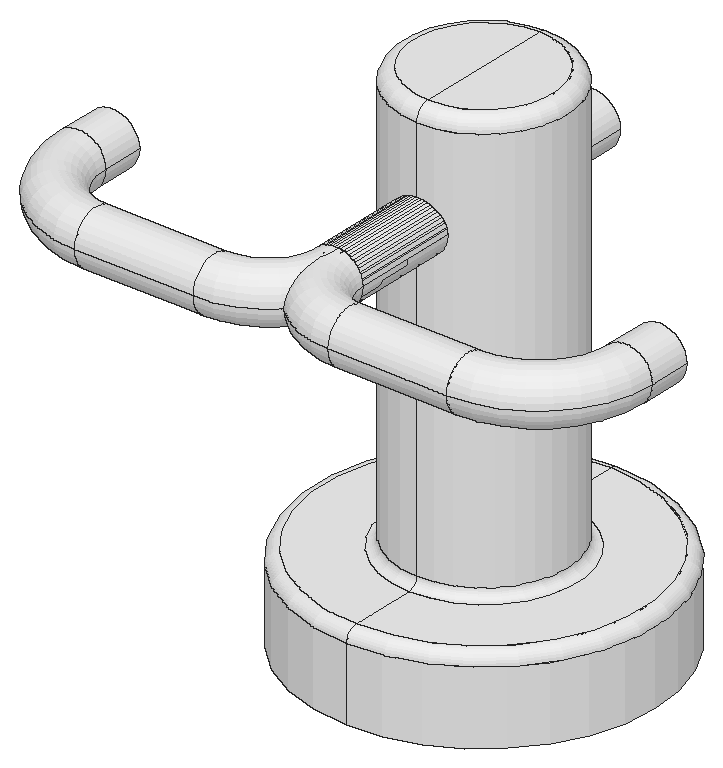
Revit family "Robe_Hook-Double-American_Standard-CR_Series-8336.210", category Specialty Equipment, host Face, Revit 2014
Parameters (values of type "8336.210")
  Width = 2 5/8"
  Warranty Information = "1 Year Limited Warranty"
  URL = "http://www.americanstandard-us.com"
  Type Comments = ""
  Revised Date = "02/08/2016"
  Product Page URL = "http://www.americanstandard-us.com/bathroom-accessories/CR-Series-Double-Robe-Hook-5985/"
  Product Documentation Link = "https://www.americanstandard-us.com/-/media/sites/asus/files/product-specs/bulk/specsheet8336210.pdf?la=en"
  Model = "8336.210"
  Material = "Metal-American Standard-002-Polished Chrome"
  Manufacturer = "American Standard"
  Length = 3"
  Installation Type = "Wall Mounted"
  Height = 2 5/8"
  Description = "CR Series Double Robe Hook."
  Default Elevation = 40"
  Creation Date = "04/04/2014"
  Assembly Code = "C1030220"
Reference planes (in)
  plane 1 "Center (Front/Back)": y = 0
  plane 2: z = 0
  plane 3 "Center (Left/Right)": x = 0
  plane 4 "Floor Level": y = -40
  plane 5: x = -1.75
  plane 6: x = 1.75
  plane 7: y = -1.625
  plane 8: y = 1
  plane 9: z = 2.375
  plane 10: y = -1
  plane 11: z = 3
Forms (in)
  Revolve 1, solid, material "Metal-American Standard-002-Polished Chrome"
    sketch origin (0, 0, 0) x (0, 0, -1) y (0, 1, 0)
      loop
        arc (-2.91764, 0.48756) -> (-2.97588, 0.46344) -> (-3, 0.4052) r 0.08236
        line (-3, 0.4052) -> (-3, 0) -> (0, 0) -> (0, 1) -> (-0.42434, 1)
        arc (-0.42434, 1) -> (-0.47508, 0.97898) -> (-0.4961, 0.92823) r 0.07177
        line (-0.4961, 0.92823) -> (-0.4961, 0.54307)
        arc (-0.4961, 0.54307) -> (-0.51236, 0.50382) -> (-0.55161, 0.48756) r 0.05551
        line (-0.55161, 0.48756) -> (-2.91764, 0.48756)
      axis (-3, 0) -> (0, 0)
    angle from 0 to 360
  Sweep 2, solid, material "Metal-American Standard-002-Polished Chrome"
    path origin (0, 0, 0) x (1, 0, 0) y (0, 1, 0)
      loop
        line (-1.75, -0.71251) -> (-1.75, -0.95909)
        arc (-1.75, -0.95909) -> (-1.55496, -1.42996) -> (-1.08409, -1.625) r 0.66591
        line (-1.08409, -1.625) -> (-0.39219, -1.625)
        arc (-0.39219, -1.625) -> (-0.00439, -1.46436) -> (0.15625, -1.07656) r 0.54844
        line (0.15625, -1.07656) -> (0.15625, -0.36231)
    profile origin (-1.75, -0.8358, 0) x (1, 0, 0) y (0, 0, 1)
      loop
        circle (0.15625, 2.375) r 0.15625
  Sweep 3, solid, material "Metal-American Standard-002-Polished Chrome"
    path origin (0, 0, 0) x (-1, 0, 0) y (0, -1, 0)
      loop
        line (-1.75, 0.71251) -> (-1.75, 0.95909)
        arc (-1.75, 0.95909) -> (-1.55496, 1.42996) -> (-1.08409, 1.625) r 0.66591
        line (-1.08409, 1.625) -> (-0.39219, 1.625)
        arc (-0.39219, 1.625) -> (-0.00439, 1.46436) -> (0.15625, 1.07656) r 0.54844
        line (0.15625, 1.07656) -> (0.15625, -0.79586)
    profile origin (1.75, -0.8358, 0) x (1, 0, 0) y (0, 0, 1)
      loop
        circle (-0.15625, 2.375) r 0.15625
Lines and regions (in)
  Masking region 1
    outline origin (0, 0, 0) x (1, 0, 0) y (0, 0, 1)
      loop
        line (0.4071, 3.09244) -> (-0.4071, 3.09244)
        arc (-0.4071, 3.09244) -> (-0.464, 3.06878) -> (-0.48756, 3.01182) r 0.08062
        line (-0.48756, 3.01182) -> (-0.48756, 2.53125) -> (-1.59616, 2.53125)
        arc (-1.59616, 2.53125) -> (-1.75241, 2.375) -> (-1.59616, 2.21875) r 0.15625
        line (-1.59616, 2.21875) -> (-0.48756, 2.21875) -> (-0.48756, 0.56212)
        arc (-0.48756, 0.56212) -> (-0.50454, 0.51777) -> (-0.54678, 0.49609) r 0.06642
        line (-0.54678, 0.49609) -> (-0.92874, 0.49609)
        arc (-0.92874, 0.49609) -> (-0.97932, 0.47307) -> (-1, 0.42149) r 0.07468
        line (-1, 0.42149) -> (-1, 0) -> (1, 0) -> (1, 0.42149)
        arc (1, 0.42149) -> (0.97932, 0.47307) -> (0.92874, 0.49609) r 0.07468
        line (0.92874, 0.49609) -> (0.54678, 0.49609)
        arc (0.54678, 0.49609) -> (0.50454, 0.51777) -> (0.48756, 0.56212) r 0.06642
        line (0.48756, 0.56212) -> (0.48756, 2.21875) -> (1.59616, 2.21875)
        arc (1.59616, 2.21875) -> (1.75241, 2.375) -> (1.59616, 2.53125) r 0.15625
        line (1.59616, 2.53125) -> (0.48756, 2.53125) -> (0.48756, 3.01182)
        arc (0.48756, 3.01182) -> (0.464, 3.06878) -> (0.4071, 3.09244) r 0.08062
  symbolic lines, style "SpecialityEquipment", detail levels fine
    curve 1: arc (0.15625, 0, 2.375) -> (0, 0, 2.53125) -> (-0.15625, 0, 2.375) r 0.15625
    curve 2: arc (-0.15625, 0, 2.375) -> (0, 0, 2.21875) -> (0.15625, 0, 2.375) r 0.15625
    curve 5: line (-0.54678, 0, 0.49609) -> (0.54678, 0, 0.49609)
  symbolic lines, style "SpecialityEquipment", detail levels medium+fine
    curve 3: line (-0.48756, 0, 2.21875) -> (-0.48756, 0, 2.53125)
    curve 4: line (0.48756, 0, 2.21875) -> (0.48756, 0, 2.53125)
Dimensions and locks (in)
  "Default Elevation": plane 4 "Floor Level" to plane 1 "Center (Front/Back)"
  locked: plane 7 to plane 8 at 2.625
  locked: plane 5 to plane 6 at 3.5
  plane 7 to plane 1 "Center (Front/Back)" = 1 5/8"
  plane 9 to plane 2 = 2 3/8"
  plane 8 to plane 10 = 2"
  locked: plane 11 to plane 2 at 3
  aligned and locked: plane 2 to host face
  aligned and locked: level to host face
Automatic sketch dimensions
  host sketch curve to host sketch curve = 96"  (x2)
  Sweep 2 sketch curve to plane 5 = 0"
  Sweep 2 sketch curve to plane 7 = 0"
  Sweep 2 sketch curve to Sweep 2 sketch curve = 0.66591"
  Sweep 2 sketch curve to plane 3 "Center (Left/Right)" = 0.39219"
  plane 3 "Center (Left/Right)" to Sweep 2 sketch curve = 5/32"
  Sweep 2 sketch curve to Sweep 2 sketch curve = 0.24658"
  Revolve 1 sketch curve to plane 1 "Center (Front/Back)" = 0"  (x2)
  Revolve 1 sketch curve to plane 8 = 0"
  Revolve 1 sketch curve to level = 0"
  level to Revolve 1 sketch curve = 0.42434"
  plane 8 to Revolve 1 sketch curve = 0.07177"
  Revolve 1 sketch curve to Revolve 1 sketch curve = 0.05551"
  Revolve 1 sketch curve to plane 9 = 0.73599"
  Revolve 1 sketch curve to plane 9 = 0.34801"
  plane 9 to Revolve 1 sketch curve = 0.54264"
  Revolve 1 sketch curve to Revolve 1 sketch curve = 0.08236"
  Revolve 1 sketch curve to plane 1 "Center (Front/Back)" = 0.4052"
  Sweep 2 sketch curve to profile plane = 5/32"
  profile plane to Sweep 2 sketch curve = 2 3/8"
  Sweep 3 sketch curve to plane 6 = 0"
  plane 7 to Sweep 3 sketch curve = 0"
  plane 6 to Sweep 3 sketch curve = 0.66591"
  plane 3 "Center (Left/Right)" to Sweep 3 sketch curve = 0.39219"
  Sweep 3 sketch curve to plane 3 "Center (Left/Right)" = 5/32"
  Sweep 3 sketch curve to Sweep 3 sketch curve = 0.24658"
  plane 8 to Sweep 3 sketch curve = 0.20414"
  profile plane to Sweep 3 sketch curve = 5/32"
  profile plane to Sweep 3 sketch curve = 2 3/8"
  plane 1 "Center (Front/Back)" to Sweep 2 sketch curve = 0.36231"
  curve 1 to plane 9 = 0"
  curve 2 to plane 3 "Center (Left/Right)" = 0"
  curve 2 to curve 1 = 5/32"
  Masking region 1 sketch curve to plane 9 = 0"  (x2)
  Masking region 1 sketch curve to level = 0"
  plane 5 to Masking region 1 sketch curve = 0.15384"
  plane 5 to Masking region 1 sketch curve = 3/4"
  Masking region 1 sketch curve to Masking region 1 sketch curve = 0.07126"
  Masking region 1 sketch curve to Masking region 1 sketch curve = 0.00342"  (x2)
  Masking region 1 sketch curve to Masking region 1 sketch curve = 0.37477"
  Masking region 1 sketch curve to Masking region 1 sketch curve = 0.0072"
  Masking region 1 sketch curve to plane 9 = 5/32"  (x2)
  Masking region 1 sketch curve to plane 3 "Center (Left/Right)" = 0.48756"  (x2)
  Masking region 1 sketch curve to Masking region 1 sketch curve = 0.08046"
  Masking region 1 sketch curve to Masking region 1 sketch curve = 0.00016"  (x2)
  plane 3 "Center (Left/Right)" to Masking region 1 sketch curve = 0.40694"
  plane 3 "Center (Left/Right)" to Masking region 1 sketch curve = 0.48756"
  Masking region 1 sketch curve to Masking region 1 sketch curve = 0.08062"
  Masking region 1 sketch curve to Masking region 1 sketch curve = 0.05922"
  Masking region 1 sketch curve to Masking region 1 sketch curve = 17/256"
  Masking region 1 sketch curve to Masking region 1 sketch curve = 0.37854"
  Masking region 1 sketch curve to Masking region 1 sketch curve = 0.07468"
  plane 6 to Masking region 1 sketch curve = 0.15384"
  Masking region 1 sketch curve to Masking region 1 sketch curve = 0.42149"  (x2)
  Masking region 1 sketch curve to Masking region 1 sketch curve = 0.48058"
  curve 3 to plane 9 = 5/32"
  curve 3 to curve 1 = 0.33131"
  curve 5 to plane 3 "Center (Left/Right)" = 0.54678"
  plane 9 to curve 4 = 5/32"
  curve 1 to curve 4 = 0.33131"
  plane 3 "Center (Left/Right)" to curve 5 = 0.54678"
  curve 4 to plane 9 = 5/32"
  level to curve 5 = 127/256"
  plane 9 to curve 3 = 5/32"
  radius of Sweep 2 sketch curve = 5/32"
  radius of Sweep 3 sketch curve = 5/32"
